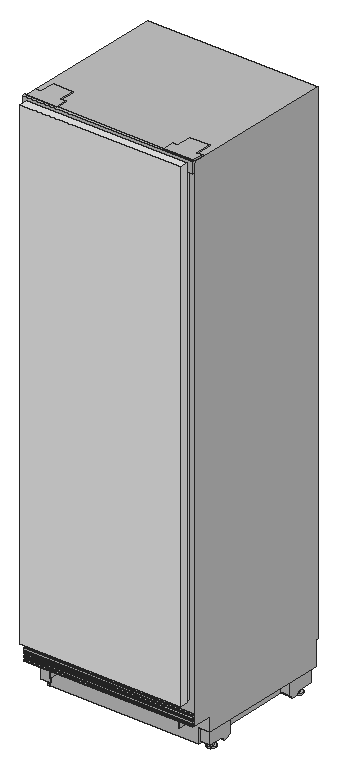
Revit family "FP-Revit18-en-RS6019S2R1-Fridge-0-AA-BI-HK-SG-CN-EU-90002455A", category Specialty Equipment, Revit 2018
Family settings
  Round Connector Dimension = Use Diameter
  Part Type = Normal
  OmniClass Number = 23.40.40.11.11
  OmniClass Title = Refrigerators and Freezers
  Work Plane-Based = No
  Always vertical = Yes
  Cut with Voids When Loaded = Yes
  Shared = No
  Room Calculation Point = No
Parameters (values of type "RS6019S2R1")
  Visibility - Toe Kick Panel [instance] = no
  Visibility - Clearance Required [instance] = yes
  URL = "www.fisherpaykel.com"
  Panel - Width [instance] = 592 mm
  Panel - Thickness [instance] = 19 mm
  Panel - FFL to Bottom of Bottom Panel (15mm - 150mm) [instance] = 102 mm
  Toe Kick - Recess [instance] = 63 mm
  Stainless Steel Door Panels (RD6019L) [instance] = no
  Product - Width = 592 mm  # constant formula
  Product - Height [instance] = ([Cavity - Height (1870mm - 1890mm)])  # 1880 mm
  Product - Depth (exl front panel) = 579 mm  # constant formula
  Model = "RS6019S2R1"
  Material - Door Structure = Fisher & Paykel - White
  Material - Door Front [instance] = Fisher & Paykel - Stainless Steel
  Material - Body = Fisher & Paykel - Grey
  Manufacturer = "Fisher & Paykel Appliances"
  Handle Style - Professional Round Flush (AHP3RDS19) [instance] = no
  Handle Style - Contemporary Square Fine Black (AHD5RDS19B) [instance] = no
  Handle Style - Contemporary Square Fine (AHD5RDS19) [instance] = no
  Handle Style - Contemporary Round (AHSRDS19) [instance] = no
  Handle Style - Classic Round (AHCLRDSF) [instance] = no
  Description = "60cm Integrated Refrigerator"
  Connector Description - Water = "min 275 kPa (40 psi) max 827 kPa (120 psi)"
  Connector Description - Electrical = "230 V, 50 Hz, 10 A circuit"
  Cavity - Width = 600 mm  # constant formula
  Cavity - Height (1870mm - 1890mm) [instance] = 1880 mm
  Panel - FFL to Top of Top Panel (1867mm min) [instance] = 1877 mm
  Cavity - Depth (600mm min with services external) = 600 mm
Types (3, lengths in mm): name | Model
  (no name) | "RS6019S2R1"
  RS6019S2R1 | "RS6019S2R1"
  RS6019S3RH1 | "RS6019S3RH1"
Reference planes
  plane 1 "Datum": y = 0
  plane 2: z = 0
  plane 3 "Center (Left/Right)": x = 0
  plane 4 "Product LHS": x = -296
  plane 5 "Product RHS": x = 296
  plane 6 "Product - Depth": y = 579
  plane 7: x = -300
  plane 8: x = 300
  plane 9 "Cavity - Depth": y = 581
  plane 10 "Product Height": z = 1880
  plane 11 "Cavity Height": z = 1880
  plane 12 "Panel Thickness": y = -19
  plane 13 "Base": z = 14.497
Forms (mm)
  Extrusion 1, solid, material "Fisher & Paykel - Grey" <- "Material - Body"
    sketch origin (0, 0, 0) x (0, 1, 0) y (0, 0, 1)
      loop
        line (108, 62.997) -> (571.5, 62.997) -> (571.5, 149.997) -> (579, 149.997) -> (579, 1875.998) -> (42.5, 1875.998) -> (42.5, 110.697) -> (108, 110.697) -> (108, 62.997)
    from -296 to 296
  Extrusion 2, solid, material "Fisher & Paykel - Grey" <- "Material - Body"
    sketch origin (0, 0, 0) x (1, 0, 0) y (0, 0, 1)
      loop
        circle (87.23, 31.993) r 5
      loop
        circle (-241.922, 42) r 6
    from -579 to -571.5
  Extrusion 3, solid, material "Fisher & Paykel - Stainless Steel" <- "Material - Door Front", visible <- "Stainless Steel Door Panels (RD6019L)"
    sketch origin (0, 0, 21.503) x (0, 1, 0) y (0, 0, 1)
      loop
        line (-19, 1855.497) -> (-19, 80.497) -> (0, 80.497) -> (0, 1855.497) -> (-19, 1855.497)
    from -296 to 296
  Extrusion 4, solid, material "Fisher & Paykel - Clearance Required", visible <- "Visibility - Clearance Required", detail levels coarse
    sketch origin (0, 0, 0) x (1, 0, 0) y (0, 1, 0)
      loop
        line (-300, 581) -> (-300, 0) -> (300, 0) -> (300, 581) -> (-300, 581)
    from 0 to 1880
  Extrusion 5, solid, material "Fisher & Paykel - White" <- "Material - Door Structure"
    sketch origin (0, 0, 0) x (1, 0, 0) y (0, 1, 0)
      loop
        line (-280, 28.4) -> (-280, 0) -> (280, 0) -> (280, 28.4) -> (-280, 28.4)
    from 183.947 to 1872.747
  Extrusion 6, solid, material "Fisher & Paykel - White" <- "Material - Door Structure"
    sketch origin (0, 0, 0) x (1, 0, 0) y (0, 1, 0)
      loop
        line (-274.25, 42.5) -> (-274.25, 28.4) -> (274.25, 28.4) -> (274.25, 42.5) -> (-274.25, 42.5)
    from 185.35 to 1838.148
  Extrusion 7, solid, material "Fisher & Paykel - Clearance Required", visible <- "Visibility - Clearance Required", detail levels coarse
    sketch origin (0, -8.858, 0) x (1, 0, 0) y (0, 1, 0)
      loop
        arc (-296, -10.142) -> (-23.116, -502.405) -> (539.267, -525.083) r 574.255
        line (539.267, -525.083) -> (299.146, -10.142) -> (-296, -10.142)
    from 0 to 1880
  Extrusion 8, solid, material "Fisher & Paykel - Grey" <- "Material - Body", detail levels fine
    sketch origin (0, 0, 0) x (0, 1, 0) y (0, 0, 1)
      loop
        line (35.5, 149.997) -> (35.5, 145.997) -> (42.5, 145.997) -> (42.5, 149.997) -> (35.5, 149.997)
      loop
        line (35.5, 138.233) -> (35.5, 134.233) -> (42.5, 134.233) -> (42.5, 138.233) -> (35.5, 138.233)
      loop
        line (35.5, 114.697) -> (35.5, 110.697) -> (42.5, 110.697) -> (42.5, 114.697) -> (35.5, 114.697)
      loop
        line (35.5, 126.467) -> (35.5, 122.467) -> (42.5, 122.467) -> (42.5, 126.467) -> (35.5, 126.467)
      loop
        line (33.5, 1880) -> (33.5, 1842.094) -> (42.5, 1842.094) -> (42.5, 1880) -> (33.5, 1880)
    from -296 to 296
  Extrusion 9, solid, material "Fisher & Paykel - Grey" <- "Material - Body"
    sketch origin (0, 0, 0) x (0, 1, 0) y (0, 0, 1)
      loop
        line (108, 62.997) -> (108, 14.497) -> (571.5, 14.497) -> (571.5, 62.997) -> (108, 62.997)
    from -259 to 259
  Extrusion 10, solid, material "Fisher & Paykel - Grey" <- "Material - Body"
    sketch origin (0, 0, 0) x (0, 1, 0) y (0, 0, 1)
      loop
        line (199.5, 62.997) -> (109.5, 62.997) -> (109.5, 21.997) -> (161.836, 21.997)
        arc (161.836, 21.997) -> (180.668, 9.967) -> (199.5, 21.997) r 20.754
        line (199.5, 21.997) -> (199.5, 62.997)
      loop
        line (460.586, 62.997) -> (460.586, 21.997)
        arc (460.586, 21.997) -> (479.418, 9.967) -> (498.25, 21.997) r 20.754
        line (498.25, 21.997) -> (550.586, 21.997) -> (550.586, 62.997) -> (460.586, 62.997)
    from 259 to 294
  Extrusion 11, solid, material "Fisher & Paykel - Grey" <- "Material - Body", detail levels fine
    sketch origin (0, 0, 0) x (1, 0, 0) y (0, 1, 0)
      loop
        line (-273, 136.5) -> (-273, 82.6) -> (-291, 82.6) -> (-291, 42.5) -> (-187, 42.5) -> (-187, 82.6) -> (-205, 82.6) -> (-205, 136.5) -> (-273, 136.5)
      loop
        line (273, 136.5) -> (205, 136.5) -> (205, 82.6) -> (187, 82.6) -> (187, 42.5) -> (291, 42.5) -> (291, 82.6) -> (273, 82.6) -> (273, 136.5)
    from 1875.998 to 1880
  Extrusion 12, solid, material "Fisher & Paykel - Stainless Steel" <- "Material - Door Front", visible <- "Visibility - Toe Kick Panel"
    sketch origin (0, 0, 0) x (0, 1, 0) y (0, 0, 1)
      loop
        line (44, 110) -> (44, 0) -> (63, 0) -> (63, 110) -> (44, 110)
    from -296 to 296
  Extrusion 13, solid, material "Fisher & Paykel - Grey" <- "Material - Body", detail levels fine
    sketch origin (0, 0, 0) x (1, 0, 0) y (0, 1, 0)
      loop
        circle (276.5, 140.6) r 15
      loop
        circle (276.5, 519.6) r 15
      loop
        circle (-276.5, 140.6) r 15
      loop
        circle (-276.5, 519.6) r 15
    from 0 to 3
  Extrusion 14, solid, material "Fisher & Paykel - Grey" <- "Material - Body", detail levels fine
    sketch origin (0, 0, 0) x (1, 0, 0) y (0, 1, 0)
      loop
        circle (276.5, 140.6) r 5
      loop
        circle (276.5, 519.6) r 5
      loop
        circle (-276.5, 140.6) r 5
      loop
        circle (-276.5, 519.6) r 5
    from 3 to 21.997
  Extrusion 15, solid, material "Fisher & Paykel - Grey" <- "Material - Body", detail levels fine
    sketch origin (0, 0, 0) x (0, 1, 0) y (0, 0, 1)
      loop
        line (63.1, 70.7) -> (108, 70.7) -> (108, 110.697) -> (63.1, 110.697) -> (63.1, 70.7)
    from 224 to 226
  Extrusion 16, solid, material "Fisher & Paykel - Grey" <- "Material - Body", detail levels fine
    sketch origin (0, 0, 0) x (0, 1, 0) y (0, 0, -1)
      loop
        line (63.1, -70.7) -> (63.1, -110.697) -> (108, -110.697) -> (108, -70.7) -> (63.1, -70.7)
    from 224 to 226
  Extrusion 17, solid, material "Fisher & Paykel - Grey" <- "Material - Body"
    sketch origin (0, 0, 0) x (0, 1, 0) y (0, 0, -1)
      loop
        line (199.5, -62.997) -> (199.5, -21.997)
        arc (199.5, -21.997) -> (180.668, -9.967) -> (161.836, -21.997) r 20.754
        line (161.836, -21.997) -> (109.5, -21.997) -> (109.5, -62.997) -> (199.5, -62.997)
      loop
        line (460.586, -62.997) -> (550.586, -62.997) -> (550.586, -21.997) -> (498.25, -21.997)
        arc (498.25, -21.997) -> (479.418, -9.967) -> (460.586, -21.997) r 20.754
        line (460.586, -21.997) -> (460.586, -62.997)
    from 259 to 294
  Extrusion 18, void
    sketch origin (0, 0, 0) x (1, 0, 0) y (0, 1, 0)
      loop
        line (-300, 581) -> (-300, -19) -> (300, -19) -> (300, 581) -> (-300, 581)
    from 0 to 1880
Cuts and joins
  joined: Extrusion 1, Extrusion 9, Extrusion 10
Text (mm)
  text "Due to ongoing product development, product details are subject to change without notice. \nPlease always refer to www.fisherpaykel.com for the most current product information. \n© Fisher & Paykel 2020" at (41.04, -678.295, 0), in view "Ref. Level (Plan)"
Dimensions and locks
  equal spacing: plane 4 "Product LHS", plane 3 "Center (Left/Right)", plane 5 "Product RHS"
  "Product - Width": plane 4 "Product LHS" to plane 5 "Product RHS"
  "Product - Depth (exl front panel)": plane 1 "Datum" to plane 6 "Product - Depth"
  equal spacing: plane 7, plane 3 "Center (Left/Right)", plane 8
  "Cavity - Width": plane 7 to plane 8
  Extrusion 2 sketch curve to plane 5 "Product RHS" = 208.77 mm
  plane 4 "Product LHS" to Extrusion 2 sketch curve = 54.078 mm
  "Cavity - Height (1870mm - 1890mm)": plane 11 "Cavity Height" to level
  locked: cut or joined group of Extrusion 1, Extrusion 9, Extrusion 10 to plane 10 "Product Height" at 4.002
  "Panel - Thickness": Extrusion 12 to Extrusion 12
  "Toe Kick - Recess": plane 1 "Datum" to Extrusion 12
  "Panel - Thickness": plane 12 "Panel Thickness" to plane 1 "Datum"
  plane 13 "Base" to level = 14.497 mm
  locked: plane 10 "Product Height" to plane 13 "Base" at 1865.503
  locked: plane 10 "Product Height" to plane 11 "Cavity Height" at 0
  locked: cut or joined group of Extrusion 1, Extrusion 9, Extrusion 10 to plane 13 "Base" at 96.2
  locked: cut or joined group of Extrusion 1, Extrusion 9, Extrusion 10 to plane 13 "Base" at 7.5
  locked: Extrusion 5 to plane 13 "Base" at 169.45
  locked: Extrusion 6 to plane 13 "Base" at 1823.65
  locked: Extrusion 5 to plane 13 "Base" at 1858.25
  locked: Extrusion 12 to cut or joined group of Extrusion 1, Extrusion 9, Extrusion 10 at 0.697
  locked: Extrusion 15 to plane 13 "Base" at 56.203
  locked: plane 13 "Base" to Extrusion 6 at 170.853
  locked: Extrusion 8 to plane 13 "Base" at 1827.596
  "Panel - FFL to Top of Top Panel (1867mm min)": Extrusion 3 to level
  "Panel - FFL to Bottom of Bottom Panel (15mm - 150mm)": Extrusion 3 to level
  equal spacing: Extrusion 3, plane 3 "Center (Left/Right)", Extrusion 3
  "Panel - Width": Extrusion 3 to Extrusion 3
  locked: nested 1 to plane 13 "Base" at 1400.997
  "Cavity - Depth (600mm min with services external)": plane 12 "Panel Thickness" to plane 9 "Cavity - Depth"
  locked: nested 2 to plane 13 "Base" at 549
  locked: nested 1 to plane 13 "Base" at 548.997
  locked: nested 3 to plane 13 "Base" at 574.5
  nested 2 to plane 5 "Product RHS" = 530 mm
  plane 1 "Datum" to Extrusion 5 = 28.4 mm
  locked: nested 4 to plane 13 "Base" at 548.997
  locked: nested 5 to plane 13 "Base" at 564
  radius of Extrusion 2 sketch curve = 5 mm
  aligned and locked: level to plane 2
  aligned and locked: Extrusion 1 to plane 5 "Product RHS"
  aligned and locked: plane 4 "Product LHS" to Extrusion 1
  aligned and locked: Extrusion 11 to cut or joined group of Extrusion 1, Extrusion 9, Extrusion 10
  aligned and locked: Extrusion 2 to cut or joined group of Extrusion 1, Extrusion 9, Extrusion 10
  aligned and locked: Extrusion 4 to plane 11 "Cavity Height"
  aligned and locked: Extrusion 8 to plane 10 "Product Height"
  aligned and locked: Extrusion 11 to plane 10 "Product Height"
  aligned and locked: Extrusion 3 to Extrusion 7
  aligned and locked: Extrusion 9 to plane 13 "Base"
  aligned and locked: cut or joined group of Extrusion 1, Extrusion 9, Extrusion 10 to cut or joined group of Extrusion 1, Extrusion 9, Extrusion 10  (x4)
  aligned and locked: Extrusion 15 to cut or joined group of Extrusion 1, Extrusion 9, Extrusion 10
  aligned and locked: Extrusion 8 to cut or joined group of Extrusion 1, Extrusion 9, Extrusion 10
  aligned and locked: Extrusion 16 to Extrusion 8
  aligned and locked: Extrusion 16 to Extrusion 15
  aligned and locked: Extrusion 10 to Extrusion 1
  aligned and locked: Extrusion 14 to cut or joined group of Extrusion 1, Extrusion 9, Extrusion 10
  aligned and locked: Extrusion 7 to plane 11 "Cavity Height"
  aligned and locked: plane 12 "Panel Thickness" to nested 2
  aligned and locked: plane 12 "Panel Thickness" to nested 3
  aligned and locked: Extrusion 18 to plane 8
  aligned and locked: Extrusion 18 to plane 7
  aligned and locked: Extrusion 18 to level
  aligned and locked: Extrusion 18 to plane 11 "Cavity Height"
  aligned and locked: Extrusion 18 to plane 9 "Cavity - Depth"
  aligned and locked: plane 12 "Panel Thickness" to Extrusion 18
  aligned and locked: plane 12 "Panel Thickness" to nested 4
  aligned and locked: plane 12 "Panel Thickness" to nested 5
Automatic sketch dimensions
  Extrusion 1 sketch curve to plane 6 "Product - Depth" = 0 mm
  Extrusion 1 sketch curve to plane 6 "Product - Depth" = 7.5 mm
  plane 13 "Base" to Extrusion 1 sketch curve = 48.5 mm
  Extrusion 1 sketch curve to plane 1 "Datum" = 108 mm
  plane 10 "Product Height" to Extrusion 1 sketch curve = 4.002 mm
  Extrusion 1 sketch curve to plane 1 "Datum" = 42.5 mm
  Extrusion 1 sketch curve to Extrusion 1 sketch curve = 47.7 mm
  Extrusion 1 sketch curve to Extrusion 1 sketch curve = 87 mm
  plane 13 "Base" to Extrusion 2 sketch curve = 17.495 mm
  plane 13 "Base" to Extrusion 2 sketch curve = 27.503 mm
  Extrusion 3 sketch curve to plane 12 "Panel Thickness" = 0 mm
  Extrusion 3 sketch curve to plane 1 "Datum" = 0 mm
  plane 13 "Base" to Extrusion 3 sketch curve = 87.503 mm
  plane 10 "Product Height" to Extrusion 3 sketch curve = 3 mm
  plane 1 "Datum" to Extrusion 4 sketch curve = 0 mm
  Extrusion 4 sketch curve to plane 7 = 0 mm
  Extrusion 4 sketch curve to plane 8 = 0 mm
  Extrusion 4 sketch curve to plane 9 "Cavity - Depth" = 0 mm
  plane 1 "Datum" to Extrusion 5 sketch curve = 0 mm
  Extrusion 5 sketch curve to plane 4 "Product LHS" = 16 mm
  plane 5 "Product RHS" to Extrusion 5 sketch curve = 16 mm
  Extrusion 5 sketch curve to plane 1 "Datum" = 28.4 mm
  Extrusion 6 sketch curve to plane 4 "Product LHS" = 21.75 mm
  plane 5 "Product RHS" to Extrusion 6 sketch curve = 21.75 mm
  Extrusion 6 sketch curve to plane 1 "Datum" = 28.4 mm
  Extrusion 6 sketch curve to Extrusion 6 sketch curve = 14.1 mm
  Extrusion 7 sketch curve to plane 4 "Product LHS" = 0 mm
  plane 12 "Panel Thickness" to Extrusion 7 sketch curve = 0 mm
  plane 12 "Panel Thickness" to Extrusion 7 sketch curve = 3.437 mm
  plane 5 "Product RHS" to Extrusion 7 sketch curve = 17.755 mm
  plane 8 to Extrusion 7 sketch curve = 0.854 mm
  Extrusion 7 sketch curve to plane 8 = 239.267 mm
  plane 10 "Product Height" to Extrusion 8 sketch curve = 0 mm
  Extrusion 8 sketch curve to plane 1 "Datum" = 33.5 mm
  Extrusion 8 sketch curve to plane 1 "Datum" = 35.5 mm
  Extrusion 8 sketch curve to Extrusion 8 sketch curve = 0 mm  (x3)
  Extrusion 8 sketch curve to Extrusion 8 sketch curve = 7 mm  (x4)
  Extrusion 8 sketch curve to Extrusion 8 sketch curve = 9 mm
  Extrusion 8 sketch curve to Extrusion 8 sketch curve = 37.906 mm
  plane 13 "Base" to Extrusion 8 sketch curve = 135.5 mm
  Extrusion 8 sketch curve to Extrusion 8 sketch curve = 4 mm  (x4)
  Extrusion 8 sketch curve to Extrusion 8 sketch curve = 7.764 mm
  Extrusion 8 sketch curve to Extrusion 8 sketch curve = 7.767 mm
  Extrusion 8 sketch curve to Extrusion 8 sketch curve = 7.769 mm
  Extrusion 9 sketch curve to plane 13 "Base" = 0 mm
  Extrusion 9 sketch curve to plane 1 "Datum" = 108 mm
  Extrusion 9 sketch curve to plane 6 "Product - Depth" = 7.5 mm
  Extrusion 9 sketch curve to Extrusion 9 sketch curve = 48.5 mm
  plane 13 "Base" to Extrusion 10 sketch curve = 48.5 mm
  Extrusion 10 sketch curve to plane 1 "Datum" = 109.5 mm
  plane 13 "Base" to Extrusion 10 sketch curve = 7.5 mm  (x2)
  Extrusion 10 sketch curve to Extrusion 10 sketch curve = 52.336 mm
  Extrusion 10 sketch curve to Extrusion 10 sketch curve = 18.832 mm  (x4)
  Extrusion 10 sketch curve to plane 6 "Product - Depth" = 118.414 mm
  Extrusion 10 sketch curve to plane 6 "Product - Depth" = 28.414 mm
  plane 13 "Base" to Extrusion 10 sketch curve = 16.224 mm  (x2)
  Extrusion 10 sketch curve to Extrusion 10 sketch curve = 41 mm
  Extrusion 11 sketch curve to plane 4 "Product LHS" = 5 mm
  Extrusion 11 sketch curve to Extrusion 11 sketch curve = 18 mm  (x3)
  Extrusion 11 sketch curve to Extrusion 11 sketch curve = 68 mm
  plane 5 "Product RHS" to Extrusion 11 sketch curve = 109 mm
  plane 5 "Product RHS" to Extrusion 11 sketch curve = 23 mm
  plane 5 "Product RHS" to Extrusion 11 sketch curve = 5 mm
  Extrusion 11 sketch curve to plane 1 "Datum" = 42.5 mm  (x2)
  Extrusion 11 sketch curve to Extrusion 11 sketch curve = 40.1 mm  (x4)
  Extrusion 11 sketch curve to Extrusion 11 sketch curve = 53.9 mm  (x2)
  Extrusion 12 sketch curve to level = 0 mm
  Extrusion 12 sketch curve to plane 1 "Datum" = 44 mm
  Extrusion 12 sketch curve to Extrusion 12 sketch curve = 19 mm
  plane 13 "Base" to Extrusion 12 sketch curve = 95.503 mm
  Extrusion 13 sketch curve to plane 4 "Product LHS" = 19.5 mm  (x2)
  plane 5 "Product RHS" to Extrusion 13 sketch curve = 19.5 mm  (x2)
  Extrusion 13 sketch curve to plane 1 "Datum" = 140.6 mm  (x2)
  Extrusion 13 sketch curve to plane 6 "Product - Depth" = 59.4 mm  (x2)
  Extrusion 14 sketch curve to plane 4 "Product LHS" = 19.5 mm  (x2)
  plane 5 "Product RHS" to Extrusion 14 sketch curve = 19.5 mm  (x2)
  Extrusion 14 sketch curve to plane 1 "Datum" = 140.6 mm  (x2)
  Extrusion 14 sketch curve to plane 6 "Product - Depth" = 59.4 mm  (x2)
  Extrusion 15 sketch curve to plane 1 "Datum" = 63.1 mm
  Extrusion 15 sketch curve to Extrusion 15 sketch curve = 44.9 mm
  plane 13 "Base" to Extrusion 15 sketch curve = 56.203 mm
  Extrusion 15 sketch curve to Extrusion 15 sketch curve = 39.997 mm
  Extrusion 16 sketch curve to plane 1 "Datum" = 63.1 mm
  Extrusion 16 sketch curve to Extrusion 16 sketch curve = 44.9 mm
  plane 13 "Base" to Extrusion 16 sketch curve = 96.2 mm
  Extrusion 16 sketch curve to Extrusion 16 sketch curve = 39.997 mm
  plane 13 "Base" to Extrusion 17 sketch curve = 48.5 mm
  Extrusion 17 sketch curve to plane 1 "Datum" = 109.5 mm
  plane 13 "Base" to Extrusion 17 sketch curve = 7.5 mm  (x2)
  Extrusion 17 sketch curve to Extrusion 17 sketch curve = 52.336 mm
  Extrusion 17 sketch curve to Extrusion 17 sketch curve = 18.832 mm  (x4)
  Extrusion 17 sketch curve to plane 6 "Product - Depth" = 118.414 mm
  Extrusion 17 sketch curve to plane 6 "Product - Depth" = 28.414 mm
  Extrusion 17 sketch curve to Extrusion 17 sketch curve = 41 mm
  plane 13 "Base" to Extrusion 17 sketch curve = 16.224 mm  (x2)
  plane 1 "Datum" to Extrusion 18 sketch curve = 19 mm
  Extrusion 18 sketch curve to plane 7 = 0 mm
  Extrusion 18 sketch curve to plane 8 = 0 mm
  plane 9 "Cavity - Depth" to Extrusion 18 sketch curve = 0 mm
  radius of Extrusion 2 sketch curve = 6 mm
  radius of Extrusion 13 sketch curve = 15 mm  (x4)
  radius of Extrusion 14 sketch curve = 5 mm  (x4)
Nested families
  nested 1: "F&P Handle Kit - Contemporary Square Fine - Vertical" at (-234, -19, 989.495), visible <- "Handle Style - Contemporary Square Fine (AHD5RDS19)", type "AHD5RDS19 - Contemporary square fine handle 852mm"
  nested 2: "F&P Handle Kit - Contemporary Square Fine - Vertical" at (-234, -19, 989.497), visible <- "Handle Style - Contemporary Square Fine Black (AHD5RDS19B)", type "AHD5RDS19B - Contemporary square fine black handle 852mm"
  nested 3: "F&P Handle Kit - Professional Round Flush - Vertical" at (-234, -19, 989.497), visible <- "Handle Style - Professional Round Flush (AHP3RDS19)", type "AHP3RDS19 - Professional round flush handle 801mm"
  nested 4: "F&P Handle Kit - Contemporary Round - Vertical" at (-234, -19, 989.495), visible <- "Handle Style - Contemporary Round (AHSRDS19)", type "26237 AHSRDS19 - Contemporary round handle (vertical) 852mm"
  nested 5: "F&P Handle Kit - Classic Round - Vertical" at (-234, -19, 989.497), visible <- "Handle Style - Classic Round (AHCLRDSF)", type "26592 AHCLRDSF AA - Classic round handle (Vertical) 822mm"
Connectors
  electrical at (87.23, 579, 31.993), driven by "Connector Description - Electrical"
    settings: on Extrusion 2, index 1, voltage 230 V, apparent load 0 VA, apparent load phase1 0 VA, apparent load phase2 0 VA, apparent load phase3 0 VA, power factor 1, load classification "Other", number of poles 1, system type 30, power factor state 1, is connector primary yes, connector utility no, sub classification motor no, connector description "230 V, 50 Hz, 10 A circuit"
  piping at (-241.922, 579, 42), diameter 11, driven by "Connector Description - Water"
    settings: on Extrusion 2, index 2, connector inside diameter 609.6 mm, connector length 0 mm, flow factor 0, pipe flow 0.0 L/s, pressure drop 0.0 Pa, fitting loss kfactor 0, connector angle 0.00°, fixture units 0, engagement length 0 mm, angle of deflection 0.00°, flow configuration 0, flow direction 1, fitting loss method 0, system type 20, joint type 0, gender type 0, connector reference index -1, connector utility 0, adjustable connector no, is connector primary yes, connector description "min 275 kPa (40 psi) max 827 kPa (120 psi)"
Definition of nested family "F&P Handle Kit - Contemporary Square Fine - Vertical"
  Parameters (values of type "AHD5RDS19 - Contemporary square fine handle 852mm")
    URL = "www.fisherpaykel.com"
    Material - Handle = none
    Manufacturer = "Fisher & Paykel Appliances"
    Handle - Length = 852 mm
  Types (22, lengths in mm): name | Handle - Length
    AHD5RD2484W - Contemporary square fine handle (1 of 2) (Vertical) 727mm | 727
    AHD5RD2484WB - Contemporary square fine black handle (1 of 2) (Vertical) 727mm | 727
    AHD5RD3084W - Contemporary square fine handle (1 of 2) (Vertical) 727mm | 727
    AHD5RD3084WB - Contemporary square fine black handle (1 of 2) (Vertical) 727mm | 727
    AHD5RD6121W - Contemporary square fine handle (1 of 2) (Vertical) 727mm | 727
    AHD5RD6121WB - Contemporary square fine black handle (1 of 2) (Vertical) 727mm | 727
    AHD5RD7621W - Contemporary square fine handle (1 of 2) (Vertical) 727mm | 727
    AHD5RD7621WB - Contemporary square fine black handle (1 of 2) (Vertical) 727mm | 727
    AHD5RD36A - Contemporary square fine handle (1 of 2) (Vertical) 727mm | 727
    AHD5RD36AB - Contemporary square fine black handle (1 of 2) (Vertical) 727mm | 727
    AHD5RD80A - Contemporary square fine handle (1 of 2) (Vertical) 727mm | 727
    AHD5RD90A - Contemporary square fine handle (1 of 2) (Vertical) 727mm | 727
    AHD5RD80AB - Contemporary square fine black handle (1 of 2) (Vertical) 727mm | 727
    AHD5RD90AB - Contemporary square fine black handle (1 of 2) (Vertical) 727mm | 727
    AHD5RD36W - Contemporary square fine handle (1 of 2) (Vertical) 727mm | 727
    AHD5RD36WB - Contemporary square fine handle (1 of 2) (Vertical) 727mm | 727
    AHD5RD9120WB - Contemporary square fine handle (1 of 2) (Vertical) 727mm | 727
    AHD5RD9120W - Contemporary square fine handle (1 of 2) (Vertical) 727mm | 727
    AHD5RDS19B - Contemporary square fine black handle 852mm | 852
    AHD5RDS19 - Contemporary square fine handle 852mm | 852
    AHD5RDS74B - Contemporary square fine black handle 852mm | 852
    AHD5RDS74 - Contemporary square fine handle 852mm | 852
  Reference planes
    plane 1 "Center (Front/Back)": y = 0
    plane 2: z = 0
    plane 3 "Center (Left/Right)": x = 0
    plane 4 "Top": z = 426
    plane 5 "Bottom": z = -426
    plane 6 "Top Standoff": z = 306
    plane 7 "Bottom Standoff": z = -306
  Forms (mm)
    Extrusion 1, solid, material <- "Material - Handle", detail levels fine
      sketch origin (0, 0, 0) x (1, 0, 0) y (0, 1, 0)
        loop
          arc (-6.16, -26.813) -> (-6.554, -27.196) -> (-6.686, -27.728) r 1
          line (-6.686, -27.728) -> (-6.256, -40.035)
          arc (-6.256, -40.035) -> (-5.951, -40.719) -> (-5.257, -41) r 1
          line (-5.257, -41) -> (5.257, -41)
          arc (5.257, -41) -> (5.951, -40.719) -> (6.256, -40.035) r 1
          line (6.256, -40.035) -> (6.686, -27.709)
          arc (6.686, -27.709) -> (6.554, -27.175) -> (6.158, -26.792) r 1
          arc (6.158, -26.792) -> (-0.004, -25.256) -> (-6.16, -26.813) r 13.038
      from -426 to 426
    Extrusion 2, solid, material <- "Material - Handle", detail levels fine
      sketch origin (0, 0, 0) x (1, 0, 0) y (0, 1, 0)
        loop
          arc (6.012, -26.626) -> (6.494, -26.614) -> (6.741, -26.2) r 0.5
          line (6.741, -26.2) -> (7.7, 0) -> (-7.7, 0) -> (-6.742, -26.174)
          arc (-6.742, -26.174) -> (-6.496, -26.587) -> (-6.015, -26.6) r 0.5
          arc (-6.015, -26.6) -> (0.002, -25.156) -> (6.012, -26.626) r 13.136
      from 306 to 426
    Extrusion 3, solid, material <- "Material - Handle", detail levels coarse+medium
      sketch origin (0, 0, 0) x (0, 1, 0) y (0, 0, 1)
        loop
          line (0, 426) -> (-42, 426) -> (-42, -426) -> (0, -426) -> (0, -306) -> (-26.245, -306) -> (-26.245, 306) -> (0, 306) -> (0, 426)
      from -8 to 8
    Extrusion 4, solid, material <- "Material - Handle", detail levels fine
      sketch origin (0, 0, 0) x (1, 0, 0) y (0, 1, 0)
        loop
          arc (6.012, -26.626) -> (6.494, -26.614) -> (6.741, -26.2) r 0.5
          line (6.741, -26.2) -> (7.7, 0) -> (-7.7, 0) -> (-6.742, -26.174)
          arc (-6.742, -26.174) -> (-6.496, -26.587) -> (-6.015, -26.6) r 0.5
          arc (-6.015, -26.6) -> (0.002, -25.156) -> (6.012, -26.626) r 13.136
      from -426 to -306
  Dimensions and locks
    equal spacing: plane 4 "Top", level, plane 5 "Bottom"
    "Handle - Length": plane 4 "Top" to plane 5 "Bottom"
    locked: plane 4 "Top" to plane 6 "Top Standoff" at 120
    locked: plane 7 "Bottom Standoff" to plane 5 "Bottom" at 120
    aligned and locked: level to plane 2
    aligned and locked: plane 4 "Top" to Extrusion 2
    aligned and locked: Extrusion 2 to plane 6 "Top Standoff"
    aligned and locked: plane 4 "Top" to Extrusion 1
    aligned and locked: Extrusion 1 to plane 5 "Bottom"
    aligned and locked: plane 4 "Top" to Extrusion 3 sketch curve
    aligned and locked: plane 6 "Top Standoff" to Extrusion 3 sketch curve
    aligned and locked: plane 7 "Bottom Standoff" to Extrusion 3 sketch curve
    aligned and locked: plane 5 "Bottom" to Extrusion 3 sketch curve
    aligned and locked: Extrusion 4 to plane 5 "Bottom"
    aligned and locked: plane 7 "Bottom Standoff" to Extrusion 4
  Automatic sketch dimensions
    Extrusion 1 sketch curve to plane 3 "Center (Left/Right)" = 6.686 mm
    Extrusion 1 sketch curve to plane 3 "Center (Left/Right)" = 6.256 mm
    Extrusion 1 sketch curve to Extrusion 1 sketch curve = 0.999 mm  (x4)
    plane 3 "Center (Left/Right)" to Extrusion 1 sketch curve = 0.018 mm
    plane 3 "Center (Left/Right)" to Extrusion 1 sketch curve = 5.257 mm
    plane 3 "Center (Left/Right)" to Extrusion 1 sketch curve = 5.687 mm
    plane 1 "Center (Front/Back)" to Extrusion 1 sketch curve = 41 mm
    Extrusion 1 sketch curve to Extrusion 1 sketch curve = 0.965 mm  (x2)
    Extrusion 1 sketch curve to Extrusion 1 sketch curve = 1.706 mm
    Extrusion 1 sketch curve to Extrusion 1 sketch curve = 12.307 mm
    Extrusion 1 sketch curve to Extrusion 1 sketch curve = 12.326 mm
    Extrusion 1 sketch curve to Extrusion 1 sketch curve = 0.035 mm  (x2)
    Extrusion 1 sketch curve to Extrusion 1 sketch curve = 0 mm
    plane 1 "Center (Front/Back)" to Extrusion 2 sketch curve = 0 mm
    Extrusion 2 sketch curve to plane 3 "Center (Left/Right)" = 7.7 mm
    Extrusion 2 sketch curve to plane 3 "Center (Left/Right)" = 6.742 mm
    Extrusion 2 sketch curve to Extrusion 2 sketch curve = 0.5 mm  (x2)
    Extrusion 2 sketch curve to plane 3 "Center (Left/Right)" = 0.026 mm
    plane 3 "Center (Left/Right)" to Extrusion 2 sketch curve = 6.242 mm
    plane 3 "Center (Left/Right)" to Extrusion 2 sketch curve = 7.7 mm
    plane 1 "Center (Front/Back)" to Extrusion 2 sketch curve = 26.155 mm
    Extrusion 2 sketch curve to Extrusion 2 sketch curve = 0.018 mm  (x2)
    Extrusion 2 sketch curve to Extrusion 2 sketch curve = 0.026 mm
    Extrusion 2 sketch curve to Extrusion 2 sketch curve = 12.11 mm
    Extrusion 2 sketch curve to Extrusion 2 sketch curve = 0 mm
    plane 1 "Center (Front/Back)" to Extrusion 3 sketch curve = 42 mm
    Extrusion 3 sketch curve to Extrusion 3 sketch curve = 15.755 mm
    Extrusion 3 sketch curve to Extrusion 3 sketch curve = 42 mm  (x2)
    Extrusion 4 sketch curve to plane 3 "Center (Left/Right)" = 7.7 mm
    Extrusion 4 sketch curve to plane 3 "Center (Left/Right)" = 6.742 mm
    Extrusion 4 sketch curve to Extrusion 4 sketch curve = 0.5 mm  (x2)
    Extrusion 4 sketch curve to plane 3 "Center (Left/Right)" = 0.026 mm
    plane 3 "Center (Left/Right)" to Extrusion 4 sketch curve = 6.242 mm
    plane 3 "Center (Left/Right)" to Extrusion 4 sketch curve = 7.7 mm
    plane 1 "Center (Front/Back)" to Extrusion 4 sketch curve = 38.291 mm
    Extrusion 4 sketch curve to Extrusion 4 sketch curve = 12.091 mm
    Extrusion 4 sketch curve to Extrusion 4 sketch curve = 0.018 mm  (x2)
    Extrusion 4 sketch curve to Extrusion 4 sketch curve = 0.452 mm
    Extrusion 4 sketch curve to Extrusion 4 sketch curve = 26.174 mm
    Extrusion 4 sketch curve to Extrusion 4 sketch curve = 0 mm
Definition of nested family "F&P Handle Kit - Professional Round Flush - Vertical"
  Parameters (values of type "AHP3RDS19 - Professional round flush handle 801mm")
    URL = "www.fisherpaykel.com"
    Material - Handle = none
    Manufacturer = "Fisher & Paykel Appliances"
    Handle - Length = 801 mm
  Types (8, lengths in mm): name | Handle - Length
    (no name) | 801
    AHP3RD2484W - Professional round flush handle (1 of 2) (Vertical) | 677
    AHP3RD3084W - Professional round flush handle (1 of 2) (Vertical) | 677
    AHP3-RD84 - Professional round flush handle 677mm | 677
    AHP3RD36W - Professional round flush handle (1 of 2) (Vertical) | 727
    AHP3RD36A - Professional round flush handle (1 of 2) (Vertical) | 727
    AHP3RDS19 - Professional round flush handle 801mm | 801
    AHP3RDS74 - Professional round flush handle 801mm | 801
  Reference planes
    plane 1 "Center (Front/Back)": y = 0
    plane 2: z = 0
    plane 3 "Center (Left/Right)": x = 0
    plane 4 "Top": z = 400.5
    plane 5 "Bottom": z = -400.5
    plane 6 "Top Standoff": z = 340.5
    plane 7 "Bottom Standoff": z = -340.5
  Forms (mm)
    Extrusion 1, solid, material <- "Material - Handle", detail levels fine
      sketch origin (0, 0, 0) x (1, 0, 0) y (0, 1, 0)
        loop
          arc (-12.817, -46.665) -> (0, -58.016) -> (12.817, -46.665) r 12.912
          line (12.817, -46.665) -> (18.5, 0) -> (-18.5, 0) -> (-12.817, -46.665)
      from 340.5 to 400.5
    Extrusion 2, solid, material <- "Material - Handle", detail levels fine
      sketch origin (0, 0, 0) x (1, 0, 0) y (0, 1, 0)
        loop
          arc (-12.817, -46.665) -> (0, -58.016) -> (12.817, -46.665) r 12.912
          line (12.817, -46.665) -> (18.5, 0) -> (-18.5, 0) -> (-12.817, -46.665)
      from -400.5 to -340.5
    Extrusion 3, solid, material <- "Material - Handle"
      sketch origin (0, 0, 0) x (1, 0, 0) y (0, 1, 0)
        loop
          circle (0, -45.116) r 12.7
      from -340.5 to 340.5
    Sweep 4, void
      path in 3D
        loop
          line (18.5, 0, 400.5) -> (12.817, -46.665, 400.5)
          arc (12.817, -46.665, 400.5) -> (0, -58.016, 400.5) -> (-12.817, -46.665, 400.5) r 12.912
          line (-12.817, -46.665, 400.5) -> (-18.5, 0, 400.5)
      profile origin (0, -58.016, 400.5) x (0, -1, 0) y (0, 0, 1)
        loop
          line (0, 0) -> (-1.5, 0) -> (0, -1.5) -> (0, 0)
    Sweep 5, void
      path in 3D
        loop
          line (-18.5, 0, -400.5) -> (-12.817, -46.665, -400.5)
          arc (-12.817, -46.665, -400.5) -> (0, -58.016, -400.5) -> (12.817, -46.665, -400.5) r 12.912
          line (12.817, -46.665, -400.5) -> (18.5, 0, -400.5)
      profile origin (0, -58.016, -400.5) x (0, -1, 0) y (0, 0, -1)
        loop
          line (0, 0) -> (-1.5, 0) -> (0, -1.5) -> (0, 0)
    Extrusion 6, solid, material <- "Material - Handle", detail levels coarse+medium
      sketch origin (0, 0, 0) x (1, 0, 0) y (0, 1, 0)
        loop
          arc (-12.817, -46.665) -> (0, -58.016) -> (12.817, -46.665) r 12.912
          line (12.817, -46.665) -> (18.5, 0) -> (-18.5, 0) -> (-12.817, -46.665)
      from 340.5 to 400.5
    Extrusion 7, solid, material <- "Material - Handle", detail levels coarse+medium
      sketch origin (0, 0, 0) x (1, 0, 0) y (0, 1, 0)
        loop
          arc (-12.817, -46.665) -> (0, -58.016) -> (12.817, -46.665) r 12.912
          line (12.817, -46.665) -> (18.5, 0) -> (-18.5, 0) -> (-12.817, -46.665)
      from -400.5 to -340.5
  Cuts and joins
    Sweep 4 cuts Extrusion 1
    Sweep 5 cuts Extrusion 2
  Lines and regions (mm)
    sketch lines
      curve 1: arc (12.817, -46.665, 400.5) -> (0, -58.016, 400.5) -> (-12.817, -46.665, 400.5) r 12.912
      curve 2: line (12.817, -46.665, 400.5) -> (18.5, 0, 400.5)
      curve 3: line (-18.5, 0, 400.5) -> (-12.817, -46.665, 400.5)
      curve 4: arc (-12.817, -46.665, -400.5) -> (0, -58.016, -400.5) -> (12.817, -46.665, -400.5) r 12.912
      curve 5: line (18.5, 0, -400.5) -> (12.817, -46.665, -400.5)
      curve 6: line (-12.817, -46.665, -400.5) -> (-18.5, 0, -400.5)
  Dimensions and locks
    equal spacing: plane 4 "Top", level, plane 5 "Bottom"
    "Handle - Length": plane 4 "Top" to plane 5 "Bottom"
    plane 4 "Top" to plane 6 "Top Standoff" = 60 mm
    plane 7 "Bottom Standoff" to plane 5 "Bottom" = 60 mm
    aligned and locked: level to plane 2
    aligned and locked: plane 4 "Top" to Extrusion 1
    aligned and locked: Extrusion 1 to plane 6 "Top Standoff"
    aligned and locked: Extrusion 2 to plane 5 "Bottom"
    aligned and locked: plane 1 "Center (Front/Back)" to Extrusion 2 sketch curve
    aligned and locked: plane 6 "Top Standoff" to Extrusion 3
    aligned and locked: Extrusion 3 to plane 7 "Bottom Standoff"
    aligned and locked: Extrusion 6 to cut or joined group of Extrusion 1, Sweep 4
    aligned and locked: Extrusion 7 to cut or joined group of Extrusion 2, Sweep 5
    aligned and locked: plane 7 "Bottom Standoff" to Extrusion 7
    aligned and locked: plane 7 "Bottom Standoff" to cut or joined group of Extrusion 2, Sweep 5
    aligned and locked: Extrusion 6 to plane 6 "Top Standoff"
    aligned and locked: cut or joined group of Extrusion 1, Sweep 4 to plane 6 "Top Standoff"
  Automatic sketch dimensions
    plane 1 "Center (Front/Back)" to Extrusion 1 sketch curve = 0 mm
    Extrusion 1 sketch curve to plane 3 "Center (Left/Right)" = 0 mm
    Extrusion 1 sketch curve to plane 3 "Center (Left/Right)" = 12.817 mm
    Extrusion 1 sketch curve to plane 3 "Center (Left/Right)" = 18.5 mm
    plane 3 "Center (Left/Right)" to Extrusion 1 sketch curve = 12.817 mm
    plane 3 "Center (Left/Right)" to Extrusion 1 sketch curve = 18.5 mm
    plane 1 "Center (Front/Back)" to Extrusion 1 sketch curve = 45.104 mm
    Extrusion 1 sketch curve to Extrusion 1 sketch curve = 1.561 mm
    Extrusion 2 sketch curve to plane 3 "Center (Left/Right)" = 0 mm
    Extrusion 2 sketch curve to plane 3 "Center (Left/Right)" = 12.817 mm
    Extrusion 2 sketch curve to plane 3 "Center (Left/Right)" = 18.5 mm
    plane 3 "Center (Left/Right)" to Extrusion 2 sketch curve = 12.817 mm
    plane 3 "Center (Left/Right)" to Extrusion 2 sketch curve = 18.5 mm
    plane 1 "Center (Front/Back)" to Extrusion 2 sketch curve = 45.104 mm
    Extrusion 2 sketch curve to Extrusion 2 sketch curve = 1.561 mm
    Extrusion 3 sketch curve to plane 3 "Center (Left/Right)" = 0 mm
    plane 1 "Center (Front/Back)" to Extrusion 3 sketch curve = 45.116 mm
    Sweep 4 sketch curve to profile plane = 0 mm  (x2)
    profile plane to Sweep 4 sketch curve = 1.5 mm
    Sweep 4 sketch curve to profile plane = 1.5 mm
    profile plane to Sweep 5 sketch curve = 0 mm
    Sweep 5 sketch curve to profile plane = 0 mm
    profile plane to Sweep 5 sketch curve = 1.5 mm
    Sweep 5 sketch curve to profile plane = 1.5 mm
    Extrusion 6 sketch curve to plane 3 "Center (Left/Right)" = 0 mm
    Extrusion 6 sketch curve to plane 3 "Center (Left/Right)" = 12.817 mm
    Extrusion 6 sketch curve to plane 3 "Center (Left/Right)" = 18.5 mm
    plane 3 "Center (Left/Right)" to Extrusion 6 sketch curve = 12.817 mm
    plane 3 "Center (Left/Right)" to Extrusion 6 sketch curve = 18.5 mm
    plane 1 "Center (Front/Back)" to Extrusion 6 sketch curve = 46.665 mm
    Extrusion 6 sketch curve to Extrusion 6 sketch curve = 1.561 mm
    Extrusion 6 sketch curve to Extrusion 6 sketch curve = 46.665 mm
    Extrusion 7 sketch curve to plane 3 "Center (Left/Right)" = 0 mm
    Extrusion 7 sketch curve to plane 3 "Center (Left/Right)" = 12.817 mm
    Extrusion 7 sketch curve to plane 3 "Center (Left/Right)" = 18.5 mm
    plane 3 "Center (Left/Right)" to Extrusion 7 sketch curve = 12.817 mm
    plane 3 "Center (Left/Right)" to Extrusion 7 sketch curve = 18.5 mm
    plane 1 "Center (Front/Back)" to Extrusion 7 sketch curve = 46.665 mm
    Extrusion 7 sketch curve to Extrusion 7 sketch curve = 1.561 mm
    Extrusion 7 sketch curve to Extrusion 7 sketch curve = 46.665 mm
    radius of Extrusion 3 sketch curve = 12.7 mm
Definition of nested family "F&P Handle Kit - Contemporary Round - Vertical"
  Parameters (values of type "26237 AHSRDS19 - Contemporary round handle (vertical) 852mm")
    URL = "www.fisherpaykel.com"
    Material - Handle = none
    Manufacturer = "Fisher & Paykel Appliances"
    Keynote = ""
    Handle Standoff - Length = 100 mm
    Handle - Length = 852 mm
    Description = ""
  Types (19, lengths in mm): name | Keynote | Handle - Length
    25324 AHS-RD21 - Contemporary round handle (Vertical) 852mm | "" | 852
    25731 AHSRD2484W - Contemporary round handle (1 of 2) (Vertical) 727mm | "" | 727
    25723 AHSRD3084W - Contemporary round handle (1 of 2) (Vertical) 727mm | "" | 727
    24981 AHS-RD84 - Contemporary round handle (Vertical) 852mm | "" | 852
    25628 AHSRS3272A - Contemporary round handle (1 of 2) (Vertical) 727mm | "" | 727
    25627 AHSRS80A - Contemporary round handle (1 of 2) (Vertical) 727mm | "" | 727
    25727 AHSRD6121W - Contemporary round handle (1 of 2) (Vertical) 727mm | "" | 727
    25719 AHSRD7621W - Contemporary round handle (1 of 2) (Vertical) 727mm | "" | 727
    25329 AHS-ASBI-A - Contemporary round handle (1 of 2) (Vertical) 727mm | "" | 727
    25374 AHS-ASBI-A - Contemporary round handle (1 of 2) (Vertical) 727mm | "" | 727
    25380 AHS-ASBI-B - Contemporary round handle (1 of 2) (Vertical) 727mm | "" | 727
    25339 AHS-ASBI-B - Contemporary round handle (1 of 2) (Vertical) 727mm | "" | 727
    25376 AHS-RF-522A - Contemporary round handle (1 of 2) (Vertical) 642mm | "US Market" | 642
    25334 AHS-RF-522A - Contemporary round handle (1 of 2) (Vertical) 642mm | "AA Market" | 642
    25379 AHS-RF-522W - Contemporary round handle (1 of 2) (Vertical) 642mm | "US Market" | 642
    25335 AHS-RF-610 - Contemporary round handle (1 of 2) (Vertical) 642mm | "AA Market" | 642
    25377 AHS-RF-610 - Contemporary round handle (1 of 2) (Vertical) 642mm | "US Market" | 642
    26237 AHSRDS19 - Contemporary round handle (vertical) 852mm | "" | 852
    26238 AHSRDS74 - Contemporary round handle (vertical) 852mm | "" | 852
  Reference planes
    plane 1 "Center (Front/Back)": y = 0
    plane 2: z = 0
    plane 3 "Center (Left/Right)": x = 0
    plane 4 "Top": z = 426
    plane 5 "Bottom": z = -426
    plane 6 "Top Standoff": z = 326
    plane 7 "Bottom Standoff": z = -326
  Forms (mm)
    Extrusion 1, solid, material <- "Material - Handle"
      sketch origin (0, 0, 0) x (1, 0, 0) y (0, 1, 0)
        loop
          circle (0, -32.3) r 8.7
      from -326 to 326
    Extrusion 2, solid, material <- "Material - Handle", detail levels fine
      sketch origin (0, 0, 0) x (1, 0, 0) y (0, 1, 0)
        loop
          line (-8.7, 0) -> (-8.7, -32.3)
          arc (-8.7, -32.3) -> (0, -41) -> (8.7, -32.3) r 8.7
          line (8.7, -32.3) -> (8.7, 0) -> (-8.7, 0)
      from 326 to 426
    Extrusion 3, solid, material <- "Material - Handle", detail levels fine
      sketch origin (0, 0, 0) x (1, 0, 0) y (0, 1, 0)
        loop
          line (-8.7, 0) -> (-8.7, -32.3)
          arc (-8.7, -32.3) -> (0, -41) -> (8.7, -32.3) r 8.7
          line (8.7, -32.3) -> (8.7, 0) -> (-8.7, 0)
      from -426 to -326
    Sweep 4, void
      path in 3D
        loop
          line (8.7, 0, -426) -> (8.7, -32.3, -426)
          arc (8.7, -32.3, -426) -> (0, -41, -426) -> (-8.7, -32.3, -426) r 8.7
          line (-8.7, -32.3, -426) -> (-8.7, 0, -426)
      profile origin (8.7, -16.15, -426) x (-1, 0, 0) y (0, 0, -1)
        loop
          line (0, 0) -> (0, -1) -> (1, 0) -> (0, 0)
    Sweep 5, void
      path in 3D
        loop
          line (-8.7, 0, 426) -> (-8.7, -32.3, 426)
          arc (-8.7, -32.3, 426) -> (0, -41, 426) -> (8.7, -32.3, 426) r 8.7
          line (8.7, -32.3, 426) -> (8.7, 0, 426)
      profile origin (8.7, -16.15, 426) x (-1, 0, 0) y (0, 0, 1)
        loop
          line (0, 0) -> (0, -1) -> (1, 0) -> (0, 0)
    Extrusion 6, solid, material <- "Material - Handle", detail levels coarse+medium
      sketch origin (0, 0, 0) x (1, 0, 0) y (0, 1, 0)
        loop
          line (-8.7, 0) -> (-8.7, -32.3)
          arc (-8.7, -32.3) -> (0, -41) -> (8.7, -32.3) r 8.7
          line (8.7, -32.3) -> (8.7, 0) -> (-8.7, 0)
      from 326 to 426
    Extrusion 7, solid, material <- "Material - Handle", detail levels coarse+medium
      sketch origin (0, 0, 0) x (1, 0, 0) y (0, 1, 0)
        loop
          line (-8.7, 0) -> (-8.7, -32.3)
          arc (-8.7, -32.3) -> (0, -41) -> (8.7, -32.3) r 8.7
          line (8.7, -32.3) -> (8.7, 0) -> (-8.7, 0)
      from -426 to -326
  Cuts and joins
    Sweep 4 cuts Extrusion 3
    Sweep 5 cuts Extrusion 2
  Lines and regions (mm)
    sketch lines
      curve 1: line (8.7, 0, -426) -> (8.7, -32.3, -426)
      curve 2: arc (-8.7, -32.3, -426) -> (0, -41, -426) -> (8.7, -32.3, -426) r 8.7
      curve 3: line (-8.7, -32.3, -426) -> (-8.7, 0, -426)
      curve 4: line (8.7, -32.3, 426) -> (8.7, 0, 426)
      curve 5: arc (8.7, -32.3, 426) -> (0, -41, 426) -> (-8.7, -32.3, 426) r 8.7
      curve 6: line (-8.7, 0, 426) -> (-8.7, -32.3, 426)
  Dimensions and locks
    equal spacing: plane 4 "Top", level, plane 5 "Bottom"
    "Handle - Length": plane 4 "Top" to plane 5 "Bottom"
    "Handle Standoff - Length": plane 4 "Top" to plane 6 "Top Standoff"
    "Handle Standoff - Length": plane 7 "Bottom Standoff" to plane 5 "Bottom"
    Extrusion 2 sketch curve to Extrusion 2 sketch curve = 17.4 mm
    Extrusion 3 sketch curve to Extrusion 3 sketch curve = 17.4 mm
    Extrusion 6 sketch curve to Extrusion 6 sketch curve = 17.4 mm
    Extrusion 7 sketch curve to Extrusion 7 sketch curve = 17.4 mm
    aligned and locked: level to plane 2
    aligned and locked: plane 4 "Top" to Extrusion 2
    aligned and locked: Extrusion 3 to plane 5 "Bottom"
    aligned and locked: plane 7 "Bottom Standoff" to Extrusion 3
    aligned and locked: Extrusion 1 to plane 7 "Bottom Standoff"
    aligned and locked: plane 6 "Top Standoff" to Extrusion 1
    aligned and locked: Extrusion 2 to Extrusion 1
    aligned and locked: Extrusion 6 to Extrusion 1
    aligned and locked: plane 4 "Top" to Extrusion 6
    aligned and locked: Extrusion 7 to Extrusion 1
    aligned and locked: Extrusion 7 to plane 5 "Bottom"
  Automatic sketch dimensions
    Extrusion 1 sketch curve to plane 3 "Center (Left/Right)" = 0 mm
    plane 1 "Center (Front/Back)" to Extrusion 1 sketch curve = 32.3 mm
    plane 1 "Center (Front/Back)" to Extrusion 2 sketch curve = 0 mm
    Extrusion 2 sketch curve to plane 3 "Center (Left/Right)" = 0 mm
    Extrusion 2 sketch curve to plane 3 "Center (Left/Right)" = 8.7 mm
    plane 1 "Center (Front/Back)" to Extrusion 2 sketch curve = 32.3 mm
    plane 1 "Center (Front/Back)" to Extrusion 3 sketch curve = 0 mm
    Extrusion 3 sketch curve to plane 3 "Center (Left/Right)" = 0 mm
    Extrusion 3 sketch curve to plane 3 "Center (Left/Right)" = 8.7 mm
    plane 1 "Center (Front/Back)" to Extrusion 3 sketch curve = 32.3 mm
    Sweep 4 sketch curve to profile plane = 0 mm  (x2)
    Sweep 4 sketch curve to profile plane = 1 mm  (x2)
    Sweep 5 sketch curve to profile plane = 0 mm  (x2)
    Sweep 5 sketch curve to profile plane = 1 mm  (x2)
    Extrusion 6 sketch curve to plane 3 "Center (Left/Right)" = 0 mm
    Extrusion 6 sketch curve to plane 3 "Center (Left/Right)" = 8.7 mm
    plane 1 "Center (Front/Back)" to Extrusion 6 sketch curve = 32.3 mm
    Extrusion 6 sketch curve to Extrusion 6 sketch curve = 32.3 mm
    Extrusion 7 sketch curve to plane 3 "Center (Left/Right)" = 0 mm
    Extrusion 7 sketch curve to plane 3 "Center (Left/Right)" = 8.7 mm
    plane 1 "Center (Front/Back)" to Extrusion 7 sketch curve = 32.3 mm
    Extrusion 7 sketch curve to Extrusion 7 sketch curve = 32.3 mm
    radius of Extrusion 1 sketch curve = 8.7 mm
Definition of nested family "F&P Handle Kit - Classic Round - Vertical"
  Parameters (values of type "26591 AHCLRDSF US - Classic round handle (Vertical) 822mm")
    URL = "www.fisherpaykel.com"
    Material - Handle = none
    Manufacturer = "Fisher & Paykel Appliances"
    Keynote = ""
    Handle Standoff - Length = 80 mm
    Handle - Length = 822 mm
    Description = ""
  Types (2): name
    26592 AHCLRDSF AA - Classic round handle (Vertical) 822mm
    26591 AHCLRDSF US - Classic round handle (Vertical) 822mm
  Reference planes
    plane 1 "Center (Front/Back)": y = 0
    plane 2: z = 0
    plane 3 "Center (Left/Right)": x = 0
    plane 4 "Top": z = 411
    plane 5 "Bottom": z = -411
    plane 6 "Top Standoff": z = 331
    plane 7 "Bottom Standoff": z = -331
  Forms (mm)
    Extrusion 1, solid, material <- "Material - Handle"
      sketch origin (0, 0, 0) x (1, 0, 0) y (0, 1, 0)
        loop
          circle (0, -44.923) r 10
      from -331 to 331
    Extrusion 2, solid, material <- "Material - Handle", detail levels fine
      sketch origin (0, 0, 0) x (1, 0, 0) y (0, 1, 0)
        loop
          line (-10.498, 0) -> (-10.498, -44.923)
          arc (-10.498, -44.923) -> (0, -55.422) -> (10.498, -44.923) r 10.498
          line (10.498, -44.923) -> (10.498, 0) -> (-10.498, 0)
      from 331 to 411
    Extrusion 3, solid, material <- "Material - Handle", detail levels fine
      sketch origin (0, 0, 0) x (1, 0, 0) y (0, 1, 0)
        loop
          arc (-10.498, -44.923) -> (0, -55.422) -> (10.498, -44.923) r 10.498
          line (10.498, -44.923) -> (10.498, 0) -> (-10.498, 0) -> (-10.498, -44.923)
      from -411 to -331
    Sweep 4, void
      path in 3D
        loop
          line (-10.498, 0, 411) -> (-10.498, -44.923, 411)
          arc (-10.498, -44.923, 411) -> (0, -55.422, 411) -> (10.498, -44.923, 411) r 10.498
          line (10.498, -44.923, 411) -> (10.498, 0, 411)
      profile origin (10.498, -22.462, 411) x (-1, 0, 0) y (0, 0, 1)
        loop
          line (0, 0) -> (0, -1.5) -> (1.5, 0) -> (0, 0)
    Sweep 5, void
      path in 3D
        loop
          line (10.498, 0, -411) -> (10.498, -44.923, -411)
          arc (10.498, -44.923, -411) -> (0, -55.422, -411) -> (-10.498, -44.923, -411) r 10.498
          line (-10.498, -44.923, -411) -> (-10.498, 0, -411)
      profile origin (10.498, -22.462, -411) x (-1, 0, 0) y (0, 0, -1)
        loop
          line (0, 0) -> (0, -1.5) -> (1.5, 0) -> (0, 0)
    Extrusion 6, solid, material <- "Material - Handle", detail levels coarse+medium
      sketch origin (0, 0, 0) x (1, 0, 0) y (0, 1, 0)
        loop
          line (-10.498, 0) -> (-10.498, -44.923)
          arc (-10.498, -44.923) -> (0, -55.422) -> (10.498, -44.923) r 10.498
          line (10.498, -44.923) -> (10.498, 0) -> (-10.498, 0)
      from 331 to 411
    Extrusion 7, solid, material <- "Material - Handle", detail levels coarse+medium
      sketch origin (0, 0, 0) x (1, 0, 0) y (0, 1, 0)
        loop
          arc (-10.498, -44.923) -> (0, -55.422) -> (10.498, -44.923) r 10.498
          line (10.498, -44.923) -> (10.498, 0) -> (-10.498, 0) -> (-10.498, -44.923)
      from -411 to -331
  Cuts and joins
    Sweep 4 cuts Extrusion 2
    Sweep 5 cuts Extrusion 3
  Lines and regions (mm)
    sketch lines
      curve 1: line (10.498, -44.923, 411) -> (10.498, 0, 411)
      curve 2: arc (10.498, -44.923, 411) -> (0, -55.422, 411) -> (-10.498, -44.923, 411) r 10.498
      curve 3: line (-10.498, 0, 411) -> (-10.498, -44.923, 411)
      curve 4: line (10.498, 0, -411) -> (10.498, -44.923, -411)
      curve 5: arc (-10.498, -44.923, -411) -> (0, -55.422, -411) -> (10.498, -44.923, -411) r 10.498
      curve 6: line (-10.498, -44.923, -411) -> (-10.498, 0, -411)
  Dimensions and locks
    equal spacing: plane 4 "Top", level, plane 5 "Bottom"
    "Handle - Length": plane 4 "Top" to plane 5 "Bottom"
    "Handle Standoff - Length": plane 4 "Top" to plane 6 "Top Standoff"
    "Handle Standoff - Length": plane 7 "Bottom Standoff" to plane 5 "Bottom"
    aligned and locked: level to plane 2
    aligned and locked: plane 4 "Top" to Extrusion 2
    aligned and locked: Extrusion 3 to plane 5 "Bottom"
    aligned and locked: plane 7 "Bottom Standoff" to Extrusion 3
    aligned and locked: Extrusion 1 to plane 7 "Bottom Standoff"
    aligned and locked: plane 6 "Top Standoff" to Extrusion 1
    aligned and locked: Extrusion 2 to Extrusion 1
    aligned and locked: plane 4 "Top" to Extrusion 6
    aligned and locked: Extrusion 6 to plane 6 "Top Standoff"
    aligned and locked: Extrusion 7 to plane 5 "Bottom"
    aligned and locked: plane 7 "Bottom Standoff" to Extrusion 7
  Automatic sketch dimensions
    Extrusion 1 sketch curve to plane 3 "Center (Left/Right)" = 0 mm
    plane 1 "Center (Front/Back)" to Extrusion 1 sketch curve = 44.923 mm
    plane 1 "Center (Front/Back)" to Extrusion 2 sketch curve = 0 mm
    Extrusion 2 sketch curve to plane 3 "Center (Left/Right)" = 0 mm
    Extrusion 2 sketch curve to plane 3 "Center (Left/Right)" = 10.498 mm
    plane 1 "Center (Front/Back)" to Extrusion 2 sketch curve = 44.923 mm
    plane 1 "Center (Front/Back)" to Extrusion 3 sketch curve = 0 mm
    Extrusion 3 sketch curve to plane 3 "Center (Left/Right)" = 0 mm
    Extrusion 3 sketch curve to plane 3 "Center (Left/Right)" = 10.498 mm
    Extrusion 3 sketch curve to Extrusion 3 sketch curve = 44.923 mm
    Sweep 4 sketch curve to profile plane = 0 mm  (x2)
    Sweep 4 sketch curve to profile plane = 1.5 mm  (x2)
    Sweep 5 sketch curve to profile plane = 0 mm  (x2)
    Sweep 5 sketch curve to profile plane = 1.5 mm  (x2)
    plane 1 "Center (Front/Back)" to Extrusion 6 sketch curve = 0 mm
    Extrusion 6 sketch curve to plane 3 "Center (Left/Right)" = 0 mm
    Extrusion 6 sketch curve to plane 3 "Center (Left/Right)" = 10.498 mm
    plane 1 "Center (Front/Back)" to Extrusion 6 sketch curve = 44.923 mm
    plane 1 "Center (Front/Back)" to Extrusion 7 sketch curve = 0 mm
    Extrusion 7 sketch curve to plane 3 "Center (Left/Right)" = 0 mm
    Extrusion 7 sketch curve to plane 3 "Center (Left/Right)" = 10.498 mm
    Extrusion 7 sketch curve to Extrusion 7 sketch curve = 44.923 mm
    radius of Extrusion 1 sketch curve = 10 mm
